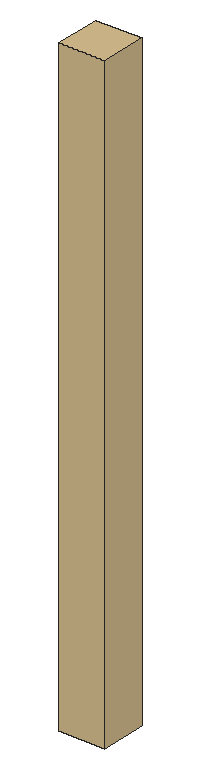
Revit family "DimensionalLumber-Studs_Humboldt", category Structural Columns, Revit 2026
Family settings
  Section Shape = Not Defined
  Material for Model Behavior = Other
  Always export as geometry = No
  Beam cutback in plan = From bounding box
  Classification Number = 23.25.30.11.14.14
  Cut with Voids When Loaded = No
  Symbolic Representation = From Project Settings
  Shared = No
  Show family pre-cut in plan views = Yes
Parameters (values of type "Douglas Fir - Rough - Full Sawn - 8X8")
  d = 0' - 8"
  b = 0' - 8"
  URL = "http://www.arcat.com/arcatcos/cos49/arc49314.html"
  Type Comments = "-"
  Test Data = "http://www.arcat.com/catalogs/humboldt/span-chart/index.html?coid=49314"
  Tension (Ft) = "425"
  Structural Material [instance] = Humboldt Douglas Fir
  Specification = "http://www.arcat.com/sd/clients/humboldt.html?coid=49314"
  Shear (Fv) = "160"
  Sales Information = "http://www.getredwood.com/contact-us/"
  Revision = "R1_04-2017"
  Product Data = "-"
  Modulus of Elasticity (MOE) = "1"
  Model = "1X4"
  Manufacturer Website = "http://www.getredwood.com/"
  Manufacturer Phone - Toll Free = "-"
  Manufacturer Phone = "(707) 764-4472"
  Manufacturer Fax = "(707) 764-4444 � Fax"
  Manufacturer Address = "125 Main Street P.O. Box 565 Scotia, CA 95565"
  Manufacturer = "Humboldt Redwood"
  Lumber Grade = "No. 2 Open Grain (OG)No. 2 Open Grain (OG)"
  Keynote = "06 13 00"
  Installation-Fabrication = ""
  Height [instance] = 0' - 0"
  Green Building-LEED = "http://www.arcat.com/green/clients/cos49/leed_product_credits_49314_172508.html"
  Drawn By = "Sumex Design, Inc. / Robert S. Weygant, CSI, CDT, SCIP"
  Description = "Humboldt 1X4 - Smooth Grain Dimensional Stud"
  Copyright = "2016 ARCAT, Inc."
  Construction Details = ""
  Compression (Perpendicular) = "425"
  Compression (Parallel) = "700"
  Category = ""
  Building Codes = "-"
  Bending (Fb) = "725"
  Assembly Code = "B1010340"
Types (56): name | d | b | Structural Material
  Douglas Fir - Rough - Full Sawn - 8X8 | 0' - 8" | 0' - 8" | Humboldt Douglas Fir
  Douglas Fir - Rough - Full Sawn - 6X12 | 0' - 6" | 1' - 0" | Humboldt Douglas Fir
  Douglas Fir - Rough - Full Sawn - 6X10 | 0' - 6" | 0' - 10" | Humboldt Douglas Fir
  Douglas Fir - Rough - Full Sawn - 6X8 | 0' - 6" | 0' - 8" | Humboldt Douglas Fir
  Douglas Fir - Rough - Full Sawn - 6X6 | 0' - 6" | 0' - 6" | Humboldt Douglas Fir
  Douglas Fir - Rough - Full Sawn - 4X8 | 0' - 3 3/4" | 0' - 7 7/8" | Humboldt Douglas Fir
  Douglas Fir - Rough - Full Sawn - 4X6 | 0' - 3 3/4" | 0' - 5 7/8" | Humboldt Douglas Fir
  Douglas Fir - Rough - 2X6 | 0' - 1 3/4" | 0' - 5 7/8" | Humboldt Douglas Fir
  Douglas Fir - Rough - 2X4 | 0' - 1 3/4" | 0' - 3 3/4" | Humboldt Douglas Fir
  Douglas Fir - Surfaced 4 Sides - 6X12 | 0' - 5 1/2" | 0' - 11 1/2" | Humboldt Douglas Fir
  Douglas Fir - Surfaced 4 Sides - 6X10 | 0' - 5 1/2" | 0' - 9 1/2" | Humboldt Douglas Fir
  Douglas Fir - Surfaced 4 Sides - 6X8 | 0' - 5 1/2" | 0' - 7 1/2" | Humboldt Douglas Fir
  Douglas Fir - Surfaced 4 Sides - 6X6 | 0' - 5 1/2" | 0' - 5 1/2" | Humboldt Douglas Fir
  Douglas Fir - Surfaced 4 Sides - 4X12 | 0' - 3.562" | 0' - 11 1/2" | Humboldt Douglas Fir
  Douglas Fir - Surfaced 4 Sides - 4X10 | 0' - 3.562" | 0' - 9 1/2" | Humboldt Douglas Fir
  Douglas Fir - Surfaced 4 Sides - 4X8 | 0' - 3.562" | 0' - 7 1/2" | Humboldt Douglas Fir
  Douglas Fir - Surfaced 4 Sides - 4X6 | 0' - 3.562" | 0' - 5 5/8" | Humboldt Douglas Fir
  Douglas Fir - Surfaced 4 Sides - 4X4 | 0' - 3.562" | 0' - 3.562" | Humboldt Douglas Fir
  Douglas Fir - Surfaced 4 Sides - 3X6 | 0' - 2.563" | 0' - 5 5/8" | Humboldt Douglas Fir
  Douglas Fir - Surfaced 4 Sides - 2X12 | 0' - 1 1/2" | 0' - 11 1/2" | Humboldt Douglas Fir
  Douglas Fir - Surfaced 4 Sides - 2X10 | 0' - 1 1/2" | 0' - 9 1/2" | Humboldt Douglas Fir
  Douglas Fir - Surfaced 4 Sides - 2X8 | 0' - 1 1/2" | 0' - 7 1/2" | Humboldt Douglas Fir
  Douglas Fir - Surfaced 4 Sides - 2X6 | 0' - 1 1/2" | 0' - 5 1/2" | Humboldt Douglas Fir
  Douglas Fir - Surfaced 4 Sides - 2X4 | 0' - 1 1/2" | 0' - 3 1/2" | Humboldt Douglas Fir
  Redwood - Rough - 8X8 | 0' - 7 7/8" | 0' - 7 7/8" | Humboldt Redwood
  Redwood - Rough - 6X12 | 0' - 5 7/8" | 0' - 11 7/8" | Humboldt Redwood
  Redwood - Rough - 6X10 | 0' - 5 7/8" | 0' - 9 7/8" | Humboldt Redwood
  Redwood - Rough - 6X8 | 0' - 5 7/8" | 0' - 7 7/8" | Humboldt Redwood
  Redwood - Rough - 6X6 | 0' - 5 7/8" | 0' - 5 7/8" | Humboldt Redwood
  Redwood - Rough - 4X12 | 0' - 3 3/4" | 0' - 11 3/4" | Humboldt Redwood
  Redwood - Rough - 4X10 | 0' - 3 3/4" | 0' - 9 3/4" | Humboldt Redwood
  Redwood - Rough - 4X8 | 0' - 3 3/4" | 0' - 7 3/4" | Humboldt Redwood
  Redwood - Rough - 4X6 | 0' - 3 3/4" | 0' - 5 3/4" | Humboldt Redwood
  Redwood - Rough - 4X4 | 0' - 3 3/4" | 0' - 3 3/4" | Humboldt Redwood
  Redwood - Surfaced 4 Sides - 8X8 | 0' - 7 1/2" | 0' - 7 1/2" | Humboldt Redwood
  Redwood - Surfaced 4 Sides - 6X12 | 0' - 5 1/2" | 0' - 11 1/2" | Humboldt Redwood
  Redwood - Surfaced 4 Sides - 6X10 | 0' - 5 1/2" | 0' - 9 1/2" | Humboldt Redwood
  Redwood - Surfaced 4 Sides - 6X8 | 0' - 5 1/2" | 0' - 7 1/2" | Humboldt Redwood
  Redwood - Surfaced 4 Sides - 6X6 | 0' - 5 1/2" | 0' - 5 1/2" | Humboldt Redwood
  Redwood - Surfaced 4 Sides - 4X12 | 0' - 3 1/2" | 0' - 11 1/2" | Humboldt Redwood
  Redwood - Surfaced 4 Sides - 4X10 | 0' - 3 1/2" | 0' - 9 1/2" | Humboldt Redwood
  Redwood - Surfaced 4 Sides - 4X8 | 0' - 3 1/2" | 0' - 7 1/2" | Humboldt Redwood
  Redwood - Surfaced 4 Sides - 4X6 | 0' - 3 1/2" | 0' - 5 1/2" | Humboldt Redwood
  Redwood - Surfaced 4 Sides - 4X4 | 0' - 3 1/2" | 0' - 3 1/2" | Humboldt Redwood
  Redwood - Surfaced 2 sides - 2X12 | 0' - 1.656" | 0' - 11 1/4" | Humboldt Redwood
  Redwood - Surfaced 2 sides - 2X8 | 0' - 1.656" | 0' - 7 1/4" | Humboldt Redwood
  Redwood - Surfaced 2 sides - 2X6 | 0' - 1.656" | 0' - 5 1/2" | Humboldt Redwood
  Redwood - Surfaced 2 sides - 2X4 | 0' - 1.656" | 0' - 3 1/2" | Humboldt Redwood
  Redwood - Rough - 2X12 | 0' - 1 3/4" | 0' - 11 7/8" | Humboldt Redwood
  Redwood - Rough - 2X8 | 0' - 1 3/4" | 0' - 7 7/8" | Humboldt Redwood
  Redwood - Rough - 2X6 | 0' - 1 3/4" | 0' - 5 7/8" | Humboldt Redwood
  Redwood - Rough - 2X4 | 0' - 1 3/4" | 0' - 3 7/8" | Humboldt Redwood
  Redwood - Surfaced 4 Sides - 2X12 | 0' - 1 1/2" | 0' - 11 1/4" | Humboldt Redwood
  Redwood - Surfaced 4 Sides - 2X8 | 0' - 1 1/2" | 0' - 7 1/4" | Humboldt Redwood
  Redwood - Surfaced 4 Sides - 2X6 | 0' - 1 1/2" | 0' - 5 1/2" | Humboldt Redwood
  Redwood - Surfaced 4 Sides - 2X4 | 0' - 1 1/2" | 0' - 3 1/2" | Humboldt Redwood
Reference planes (in)
  plane 1 "Center (Front/Back)": y = 0
  plane 2: z = 0
  plane 3 "Center (Left/Right)": x = 0
  plane 4 "Left": x = -4
  plane 5 "Right": x = 4
  plane 6 "Back": y = 4
  plane 7 "Front": y = -4
Forms (in)
  Extrusion 1, solid, material "Humboldt Douglas Fir" <- "Structural Material"
    sketch origin (0, 0, 0) x (1, 0, 0) y (0, 1, 0)
      loop
        line (-4, 4) -> (-4, -4) -> (4, -4) -> (4, 4) -> (-4, 4)
    from 0 to 108
Lines and regions (in)
  symbolic lines
    curve 1: line (-4, 4, 0) -> (4, 4, 0)
    curve 2: line (-4, -4, 0) -> (-4, 4, 0)
    curve 3: line (4, -4, 0) -> (-4, -4, 0)
    curve 4: line (4, 4, 0) -> (4, -4, 0)
    curve 5: line (-4, 4, 0) -> (4, -4, 0)
    curve 6: line (-4, -4, 0) -> (4, 4, 0)
Dimensions and locks (in)
  equal spacing: plane 4 "Left", plane 3 "Center (Left/Right)", plane 5 "Right"
  equal spacing: plane 7 "Front", plane 1 "Center (Front/Back)", plane 6 "Back"
  "d": plane 7 "Front" to plane 6 "Back"
  "b": plane 4 "Left" to plane 5 "Right"
  aligned and locked: level to plane 2
  aligned and locked: plane 6 "Back" to Extrusion 1 sketch curve
  aligned and locked: Extrusion 1 sketch curve to plane 4 "Left"
  aligned and locked: Extrusion 1 sketch curve to plane 7 "Front"
  aligned and locked: plane 5 "Right" to Extrusion 1 sketch curve
  aligned and locked: level to Extrusion 1
  aligned and locked: Extrusion 1 to level
  aligned and locked: plane 6 "Back" to curve 1
  aligned and locked: curve 2 to plane 4 "Left"
  aligned and locked: curve 3 to plane 7 "Front"
  aligned and locked: plane 5 "Right" to curve 4
